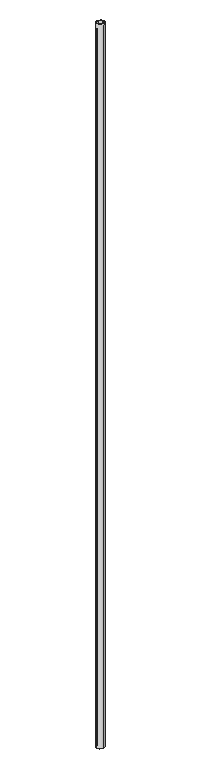
Revit family "CCV - Cortes circulares vazados - Coluna", category Pilares estruturais, Revit 2019
Family settings
  Forma do corte = Não definido
  Material para o comportamento do modelo = Aço
  Exportar sempre como geometria = Não
  Redução da viga na planta = Da geometria
  Corte com vazios quando carregada = Não
  Representação simbólica = Das configurações de projeto
  Compartilhado = Não
  Exibir o pré-corte da família na vista da planta = Sim
Parameters (values of type "CHS 26.7x2.9")
  t = 2.9 mm
  r2 = d0 / 2 - t  # 10.45 mm
  r1 = d0 / 2  # 13.35 mm
  d0 = 26.7 mm
  W = 0.00169
  Structural Material [instance] = Metal - Aço - 250 MPa
  A = 0.000215 m²
Reference planes
  plane 1 "Centro (Frente/Trás)": y = 0
  plane 2: z = 0
  plane 3 "Centro (Esquerda/Direita)": x = 0
  plane 4 "Esquerda": x = -13.35
  plane 5 "Direita": x = 13.35
  plane 6 "Parte posterior": y = 13.35
  plane 7 "Parte frontal": y = -13.35
Forms (mm)
  Extrusion 1, solid, material "Metal - Aço - 250 MPa" <- "Structural Material", detail levels medium+fine
    sketch origin (0, 0, 0) x (1, 0, 0) y (0, 1, 0)
      loop
        circle (0, 0) r 13.35
      loop
        circle (0, 0) r 10.45
    from 0 to 2500
Lines and regions (mm)
  symbolic lines, style "StructuralColumnStickSymbols", detail levels coarse
    curve 1: arc (-13.35, 0, 0) -> (0, 13.35, 0) -> (13.35, 0, 0) r 13.35
    curve 2: arc (-13.35, 0, 0) -> (0, -13.35, 0) -> (13.35, 0, 0) r 13.35
Dimensions and locks
  equal spacing: plane 4 "Esquerda", plane 3 "Centro (Esquerda/Direita)", plane 5 "Direita"
  equal spacing: plane 7 "Parte frontal", plane 1 "Centro (Frente/Trás)", plane 6 "Parte posterior"
  "d0": plane 4 "Esquerda" to plane 5 "Direita"
  "d0": plane 7 "Parte frontal" to plane 6 "Parte posterior"
  "r1": radius of Extrusion 1 sketch curve
  "r1": radius of curve 1
  "r2": radius of Extrusion 1 sketch curve
  aligned and locked: level to plane 2
  aligned and locked: plane 1 "Centro (Frente/Trás)" to Extrusion 1 sketch curve  (x2)
  aligned and locked: plane 3 "Centro (Esquerda/Direita)" to Extrusion 1 sketch curve  (x2)
  aligned and locked: level to Extrusion 1
  aligned and locked: Extrusion 1 to level
  aligned and locked: plane 1 "Centro (Frente/Trás)" to curve 1
  aligned and locked: plane 3 "Centro (Esquerda/Direita)" to curve 1
Types in the file's own list only (148): name | t | r2 | r1 | d0 | W | A
  CHS 26.7x3.9 | 4 mm | 9 mm | 13 mm | 27 mm | 0.0022 | 0.00 m²
  CHS 33.4x3.4 | 3 mm | 13 mm | 17 mm | 33 mm | 0.0025 | 0.00 m²
  CHS 33.4x4.6 | 5 mm | 12 mm | 17 mm | 33 mm | 0.00324 | 0.00 m²
  CHS 33.4x6.4 | 6 mm | 10 mm | 17 mm | 33 mm | 0.00424 | 0.00 m²
  CHS 38.1x3 | 3 mm | 16 mm | 19 mm | 38 mm | 0.0026 | 0.00 m²
  CHS 38.1x5 | 5 mm | 14 mm | 19 mm | 38 mm | 0.00408 | 0.00 m²
  CHS 42.2x3.6 | 4 mm | 18 mm | 21 mm | 42 mm | 0.00339 | 0.00 m²
  CHS 42.2x4.9 | 5 mm | 16 mm | 21 mm | 42 mm | 0.00447 | 0.00 m²
  CHS 42.2x6.4 | 6 mm | 15 mm | 21 mm | 42 mm | 0.00561 | 0.00 m²
  CHS 42.2x9.7 | 10 mm | 11 mm | 21 mm | 42 mm | 0.00777 | 0.00 m²
  CHS 48.3x3.7 | 4 mm | 20 mm | 24 mm | 48 mm | 0.00405 | 0.00 m²
  CHS 48.3x5.1 | 5 mm | 19 mm | 24 mm | 48 mm | 0.00541 | 0.00 m²
  CHS 48.3x7.1 | 7 mm | 17 mm | 24 mm | 48 mm | 0.00725 | 0.00 m²
  CHS 48.3x10.2 | 10 mm | 14 mm | 24 mm | 48 mm | 0.00955 | 0.00 m²
  CHS 60.3x3.6 | 4 mm | 27 mm | 30 mm | 60 mm | 0.00501 | 0.00 m²
  CHS 60.3x3.9 | 4 mm | 26 mm | 30 mm | 60 mm | 0.00544 | 0.00 m²
  CHS 60.3x4.4 | 4 mm | 26 mm | 30 mm | 60 mm | 0.00603 | 0.00 m²
  CHS 60.3x4.8 | 5 mm | 25 mm | 30 mm | 60 mm | 0.00654 | 0.00 m²
  CHS 60.3x5.5 | 6 mm | 25 mm | 30 mm | 60 mm | 0.00748 | 0.00 m²
  CHS 60.3x6.4 | 6 mm | 24 mm | 30 mm | 60 mm | 0.00845 | 0.00 m²
  CHS 60.3x7.1 | 7 mm | 23 mm | 30 mm | 60 mm | 0.00936 | 0.00 m²
  CHS 60.3x8.7 | 9 mm | 21 mm | 30 mm | 60 mm | 0.0111 | 0.00 m²
  CHS 60.3x11.1 | 11 mm | 19 mm | 30 mm | 60 mm | 0.0134 | 0.00 m²
  CHS 73x4 | 4 mm | 33 mm | 37 mm | 73 mm | 0.00674 | 0.00 m²
  CHS 73x4.4 | 4 mm | 32 mm | 37 mm | 73 mm | 0.0074 | 0.00 m²
  CHS 73x4.8 | 5 mm | 32 mm | 37 mm | 73 mm | 0.00804 | 0.00 m²
  CHS 73x5.2 | 5 mm | 31 mm | 37 mm | 73 mm | 0.00863 | 0.00 m²
  CHS 73x5.5 | 6 mm | 31 mm | 37 mm | 73 mm | 0.00914 | 0.00 m²
  CHS 73x6.4 | 6 mm | 30 mm | 37 mm | 73 mm | 0.0104 | 0.00 m²
  CHS 73x7 | 7 mm | 30 mm | 37 mm | 73 mm | 0.0114 | 0.00 m²
  CHS 73x9.5 | 10 mm | 27 mm | 37 mm | 73 mm | 0.0149 | 0.00 m²
  CHS 73x14 | 14 mm | 23 mm | 37 mm | 73 mm | 0.0204 | 0.00 m²
  CHS 88.9x4.4 | 4 mm | 40 mm | 44 mm | 89 mm | 0.00911 | 0.00 m²
  CHS 88.9x4.8 | 5 mm | 40 mm | 44 mm | 89 mm | 0.00992 | 0.00 m²
  CHS 88.9x5.5 | 6 mm | 39 mm | 44 mm | 89 mm | 0.0113 | 0.00 m²
  CHS 88.9x6.4 | 6 mm | 38 mm | 44 mm | 89 mm | 0.0129 | 0.00 m²
  CHS 88.9x7.1 | 7 mm | 37 mm | 44 mm | 89 mm | 0.0144 | 0.00 m²
  CHS 88.9x7.6 | 8 mm | 37 mm | 44 mm | 89 mm | 0.0153 | 0.00 m²
  CHS 88.9x11.1 | 11 mm | 33 mm | 44 mm | 89 mm | 0.0213 | 0.00 m²
  CHS 88.9x15.2 | 15 mm | 29 mm | 44 mm | 89 mm | 0.0277 | 0.00 m²
  CHS 101.6x4 | 4 mm | 47 mm | 51 mm | 102 mm | 0.00954 | 0.00 m²
  CHS 101.6x4.4 | 4 mm | 46 mm | 51 mm | 102 mm | 0.0105 | 0.00 m²
  CHS 101.6x4.8 | 5 mm | 46 mm | 51 mm | 102 mm | 0.0114 | 0.00 m²
  CHS 101.6x5.7 | 6 mm | 45 mm | 51 mm | 102 mm | 0.0136 | 0.00 m²
  CHS 101.6x6.4 | 6 mm | 44 mm | 51 mm | 102 mm | 0.0149 | 0.00 m²
  CHS 101.6x7.1 | 7 mm | 44 mm | 51 mm | 102 mm | 0.0166 | 0.00 m²
  CHS 101.6x8.1 | 8 mm | 43 mm | 51 mm | 102 mm | 0.0186 | 0.00 m²
  CHS 114.3x4 | 4 mm | 53 mm | 57 mm | 114 mm | 0.0108 | 0.00 m²
  CHS 114.3x4.4 | 4 mm | 53 mm | 57 mm | 114 mm | 0.0118 | 0.00 m²
  CHS 114.3x4.8 | 5 mm | 52 mm | 57 mm | 114 mm | 0.0129 | 0.00 m²
  CHS 114.3x5.2 | 5 mm | 52 mm | 57 mm | 114 mm | 0.0139 | 0.00 m²
  CHS 114.3x5.6 | 6 mm | 52 mm | 57 mm | 114 mm | 0.0149 | 0.00 m²
  CHS 114.3x6 | 6 mm | 51 mm | 57 mm | 114 mm | 0.0161 | 0.00 m²
  CHS 114.3x6.4 | 6 mm | 51 mm | 57 mm | 114 mm | 0.0169 | 0.00 m²
  CHS 114.3x7.1 | 7 mm | 50 mm | 57 mm | 114 mm | 0.0189 | 0.00 m²
  CHS 114.3x7.9 | 8 mm | 49 mm | 57 mm | 114 mm | 0.0208 | 0.00 m²
  CHS 114.3x8.6 | 9 mm | 49 mm | 57 mm | 114 mm | 0.0223 | 0.00 m²
  CHS 114.3x11.1 | 11 mm | 46 mm | 57 mm | 114 mm | 0.0283 | 0.00 m²
  CHS 114.3x13.5 | 14 mm | 44 mm | 57 mm | 114 mm | 0.0335 | 0.00 m²
  CHS 114.3x17.1 | 17 mm | 40 mm | 57 mm | 114 mm | 0.041 | 0.01 m²
  CHS 141.3x5.6 | 6 mm | 65 mm | 71 mm | 141 mm | 0.0186 | 0.00 m²
  CHS 141.3x6.6 | 7 mm | 64 mm | 71 mm | 141 mm | 0.0218 | 0.00 m²
  CHS 141.3x7.1 | 7 mm | 64 mm | 71 mm | 141 mm | 0.0236 | 0.00 m²
  CHS 141.3x7.9 | 8 mm | 63 mm | 71 mm | 141 mm | 0.0261 | 0.00 m²
  CHS 141.3x8.7 | 9 mm | 62 mm | 71 mm | 141 mm | 0.0286 | 0.00 m²
  CHS 141.3x9.5 | 10 mm | 61 mm | 71 mm | 141 mm | 0.031 | 0.00 m²
  CHS 141.3x12.7 | 13 mm | 58 mm | 71 mm | 141 mm | 0.0403 | 0.01 m²
  CHS 141.3x15.9 | 16 mm | 55 mm | 71 mm | 141 mm | 0.0491 | 0.01 m²
  CHS 141.3x19.1 | 19 mm | 52 mm | 71 mm | 141 mm | 0.0574 | 0.01 m²
  CHS 168.3x4.8 | 5 mm | 79 mm | 84 mm | 168 mm | 0.0193 | 0.00 m²
  CHS 168.3x5.2 | 5 mm | 79 mm | 84 mm | 168 mm | 0.0208 | 0.00 m²
  CHS 168.3x5.6 | 6 mm | 79 mm | 84 mm | 168 mm | 0.0223 | 0.00 m²
  CHS 168.3x6.4 | 6 mm | 78 mm | 84 mm | 168 mm | 0.0254 | 0.00 m²
  CHS 168.3x7.1 | 7 mm | 77 mm | 84 mm | 168 mm | 0.0283 | 0.00 m²
  CHS 168.3x7.9 | 8 mm | 76 mm | 84 mm | 168 mm | 0.0313 | 0.00 m²
  CHS 168.3x8.7 | 9 mm | 75 mm | 84 mm | 168 mm | 0.0344 | 0.00 m²
  CHS 168.3x9.5 | 10 mm | 75 mm | 84 mm | 168 mm | 0.0373 | 0.00 m²
  CHS 168.3x11 | 11 mm | 73 mm | 84 mm | 168 mm | 0.0426 | 0.01 m²
  CHS 168.3x12.7 | 13 mm | 71 mm | 84 mm | 168 mm | 0.0487 | 0.01 m²
  CHS 168.3x14.3 | 14 mm | 70 mm | 84 mm | 168 mm | 0.0542 | 0.01 m²
  CHS 168.3x15.9 | 16 mm | 68 mm | 84 mm | 168 mm | 0.0597 | 0.01 m²
  CHS 168.3x18.3 | 18 mm | 66 mm | 84 mm | 168 mm | 0.0676 | 0.01 m²
  CHS 168.3x19.1 | 19 mm | 65 mm | 84 mm | 168 mm | 0.0701 | 0.01 m²
  CHS 168.3x22 | 22 mm | 62 mm | 84 mm | 168 mm | 0.0792 | 0.01 m²
  CHS 168.3x22.2 | 22 mm | 62 mm | 84 mm | 168 mm | 0.0801 | 0.01 m²
  CHS 219.1x7.9 | 8 mm | 102 mm | 110 mm | 219 mm | 0.0412 | 0.01 m²
  CHS 219.1x8.2 | 8 mm | 101 mm | 110 mm | 219 mm | 0.0425 | 0.01 m²
  CHS 219.1x8.7 | 9 mm | 101 mm | 110 mm | 219 mm | 0.0453 | 0.01 m²
  CHS 219.1x9.5 | 10 mm | 100 mm | 110 mm | 219 mm | 0.0493 | 0.01 m²
  CHS 219.1x10.3 | 10 mm | 99 mm | 110 mm | 219 mm | 0.0531 | 0.01 m²
  CHS 219.1x11.1 | 11 mm | 98 mm | 110 mm | 219 mm | 0.0571 | 0.01 m²
  CHS 219.1x12.7 | 13 mm | 97 mm | 110 mm | 219 mm | 0.0646 | 0.01 m²
  CHS 219.1x14.3 | 14 mm | 95 mm | 110 mm | 219 mm | 0.0721 | 0.01 m²
  CHS 219.1x15.1 | 15 mm | 94 mm | 110 mm | 219 mm | 0.0759 | 0.01 m²
  CHS 219.1x15.9 | 16 mm | 94 mm | 110 mm | 219 mm | 0.0796 | 0.01 m²
  CHS 219.1x18.3 | 18 mm | 91 mm | 110 mm | 219 mm | 0.0904 | 0.01 m²
  CHS 219.1x19.1 | 19 mm | 90 mm | 110 mm | 219 mm | 0.094 | 0.01 m²
  CHS 219.1x20.6 | 21 mm | 89 mm | 110 mm | 219 mm | 0.101 | 0.01 m²
  CHS 219.1x22.2 | 22 mm | 87 mm | 110 mm | 219 mm | 0.108 | 0.01 m²
  CHS 219.1x23 | 23 mm | 87 mm | 110 mm | 219 mm | 0.111 | 0.01 m²
  CHS 219.1x25.4 | 25 mm | 84 mm | 110 mm | 219 mm | 0.121 | 0.02 m²
  CHS 273x7.8 | 8 mm | 129 mm | 137 mm | 273 mm | 0.051 | 0.01 m²
  CHS 273x8.7 | 9 mm | 128 mm | 137 mm | 273 mm | 0.057 | 0.01 m²
  CHS 273x9.3 | 9 mm | 127 mm | 137 mm | 273 mm | 0.0603 | 0.01 m²
  CHS 273x11.1 | 11 mm | 125 mm | 137 mm | 273 mm | 0.0719 | 0.01 m²
  CHS 273x12.7 | 13 mm | 124 mm | 137 mm | 273 mm | 0.0815 | 0.01 m²
  CHS 273x14.3 | 14 mm | 122 mm | 137 mm | 273 mm | 0.0911 | 0.01 m²
  CHS 273x15.1 | 15 mm | 121 mm | 137 mm | 273 mm | 0.096 | 0.01 m²
  CHS 273x15.9 | 16 mm | 121 mm | 137 mm | 273 mm | 0.101 | 0.01 m²
  CHS 273x18.3 | 18 mm | 118 mm | 137 mm | 273 mm | 0.115 | 0.01 m²
  CHS 273x20.6 | 21 mm | 116 mm | 137 mm | 273 mm | 0.128 | 0.02 m²
  CHS 273x21.4 | 21 mm | 115 mm | 137 mm | 273 mm | 0.133 | 0.02 m²
  CHS 273x22.2 | 22 mm | 114 mm | 137 mm | 273 mm | 0.137 | 0.02 m²
  CHS 273x23.8 | 24 mm | 113 mm | 137 mm | 273 mm | 0.146 | 0.02 m²
  CHS 273x25.4 | 25 mm | 111 mm | 137 mm | 273 mm | 0.155 | 0.02 m²
  CHS 273x26.6 | 27 mm | 110 mm | 137 mm | 273 mm | 0.172 | 0.02 m²
  CHS 273x31.8 | 32 mm | 105 mm | 137 mm | 273 mm | 0.189 | 0.02 m²
  CHS 323.8x8.4 | 8 mm | 154 mm | 162 mm | 324 mm | 0.0652 | 0.01 m²
  CHS 323.8x8.7 | 9 mm | 153 mm | 162 mm | 324 mm | 0.0679 | 0.01 m²
  CHS 323.8x9.5 | 10 mm | 152 mm | 162 mm | 324 mm | 0.0739 | 0.01 m²
  CHS 323.8x10.3 | 10 mm | 152 mm | 162 mm | 324 mm | 0.0797 | 0.01 m²
  CHS 323.8x11.1 | 11 mm | 151 mm | 162 mm | 324 mm | 0.0858 | 0.01 m²
  CHS 323.8x12.7 | 13 mm | 149 mm | 162 mm | 324 mm | 0.0974 | 0.01 m²
  CHS 323.8x14.3 | 14 mm | 148 mm | 162 mm | 324 mm | 0.109 | 0.01 m²
  CHS 323.8x15.9 | 16 mm | 146 mm | 162 mm | 324 mm | 0.121 | 0.02 m²
  CHS 323.8x17.5 | 18 mm | 144 mm | 162 mm | 324 mm | 0.132 | 0.02 m²
  CHS 323.8x19.1 | 19 mm | 143 mm | 162 mm | 324 mm | 0.143 | 0.02 m²
  CHS 323.8x20.6 | 21 mm | 141 mm | 162 mm | 324 mm | 0.154 | 0.02 m²
  CHS 323.8x21.4 | 21 mm | 141 mm | 162 mm | 324 mm | 0.16 | 0.02 m²
  CHS 323.8x22.2 | 22 mm | 140 mm | 162 mm | 324 mm | 0.165 | 0.02 m²
  CHS 323.8x23.8 | 24 mm | 138 mm | 162 mm | 324 mm | 0.176 | 0.02 m²
  CHS 323.8x25.4 | 25 mm | 137 mm | 162 mm | 324 mm | 0.187 | 0.02 m²
  CHS 323.8x27 | 27 mm | 135 mm | 162 mm | 324 mm | 0.197 | 0.03 m²
  CHS 323.8x28.6 | 29 mm | 133 mm | 162 mm | 324 mm | 0.208 | 0.03 m²
  CHS 355.6x9.5 | 10 mm | 168 mm | 178 mm | 356 mm | 0.0813 | 0.01 m²
  CHS 355.6x10.3 | 10 mm | 168 mm | 178 mm | 356 mm | 0.0878 | 0.01 m²
  CHS 355.6x11.1 | 11 mm | 167 mm | 178 mm | 356 mm | 0.0946 | 0.01 m²
  CHS 355.6x11.9 | 12 mm | 166 mm | 178 mm | 356 mm | 0.101 | 0.01 m²
  CHS 355.6x12.7 | 13 mm | 165 mm | 178 mm | 356 mm | 0.107 | 0.01 m²
  CHS 355.6x14.3 | 14 mm | 164 mm | 178 mm | 356 mm | 0.12 | 0.02 m²
  CHS 355.6x15.1 | 15 mm | 163 mm | 178 mm | 356 mm | 0.127 | 0.02 m²
  CHS 355.6x15.9 | 16 mm | 162 mm | 178 mm | 356 mm | 0.133 | 0.02 m²
  CHS 355.6x17.5 | 18 mm | 160 mm | 178 mm | 356 mm | 0.146 | 0.02 m²
  CHS 355.6x19.1 | 19 mm | 159 mm | 178 mm | 356 mm | 0.158 | 0.02 m²
  CHS 355.6x20.6 | 21 mm | 157 mm | 178 mm | 356 mm | 0.17 | 0.02 m²
  CHS 355.6x22.2 | 22 mm | 156 mm | 178 mm | 356 mm | 0.183 | 0.02 m²
  CHS 355.6x23.8 | 24 mm | 154 mm | 178 mm | 356 mm | 0.195 | 0.02 m²
  CHS 355.6x25.4 | 25 mm | 152 mm | 178 mm | 356 mm | 0.207 | 0.03 m²
